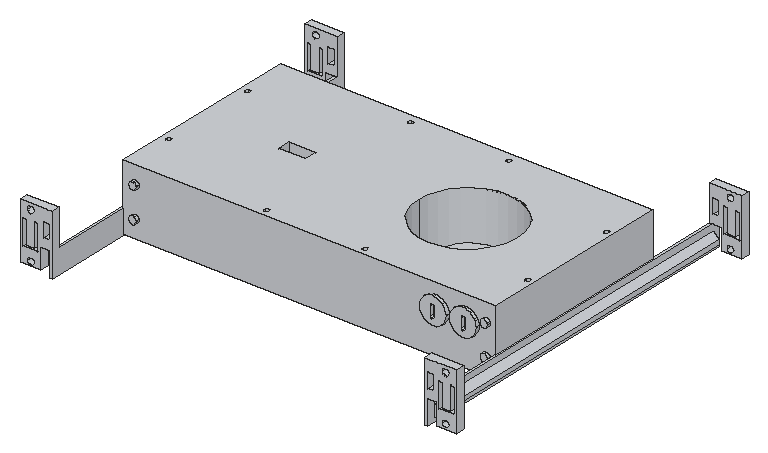
Revit family "Alcon-14131-R-DIR-Revit-Family", category Lighting Fixtures, host Ceiling, Revit 2021
Family settings
  Host = Ceiling
  Round Connector Dimension = Use Diameter
  Part Type = Normal
  Always vertical = Yes
  Cut with Voids When Loaded = Yes
  Light Source = Yes
  Shared = No
  Room Calculation Point = No
Parameters (values of type "Type 1")
  Wattage = 9.2903 W
  built-in parameter 1150110 = 1 (stored number, unit not read)
  built-in parameter 1114217 = 1 (stored number, unit not read)
  Tilt Angle = 60.00°
  built-in parameter 1150109 = 1 (stored number, unit not read)
  built-in parameter 1150134 = 3
  built-in parameter 1150113 = 1 (stored number, unit not read)
  built-in parameter 1010507 = 1.5708 (stored number, unit not read)
  built-in parameter 1010506 = 0.5236 (stored number, unit not read)
  Reflector = none
  Product Identity = "Alcon Lighting 14131-R-DIR"
  Manufacturer = "Alcon Light"
  built-in parameter 1150105 = 4614.1 (stored number, unit not read)
  Lumens = 1380 lm
  built-in parameter 1150115 = 1 (stored number, unit not read)
  Link To Product Page = "https://www.alconlighting.com/alcon-14131-dir-trimless-recessed-direct-shallow-light.html"
  Light Source Symbol Length = 10' - 0"
  Light Source = none
  built-in parameter 1150137 = (empty or 0)
  built-in parameter 1150139 = (empty or 0)
  built-in parameter 1150112 = 1 (stored number, unit not read)
  built-in parameter 1150114 = 1 (stored number, unit not read)
  built-in parameter 1150132 = (empty or 0)
  built-in parameter 1150102 = (empty or 0)
  built-in parameter 1150107 = 3200 (stored number, unit not read)
  built-in parameter 1150138 = (empty or 0)
  built-in parameter 1150106 = 46.141 (stored number, unit not read)
  Housing = none
  built-in parameter 1150104 = 13.8 (stored number, unit not read)
  Driver = none
  Dimming Lamp Color Temperature Shift = <None>
  Default Elevation = 0' - 0"
  Color Filter = 16777215
  built-in parameter 1114218 = 1 (stored number, unit not read)
  built-in parameter 1150133 = 10 (stored number, unit not read)
Reference planes (in)
  plane 1 "Center (Front/Back)": y = 0
  plane 2: z = 0
  plane 3 "Center (Left/Right)": x = 0
  plane 4 "Ceiling": z = 157.48031
Forms (in)
  Revolve 1, solid, material <- "Reflector"
    sketch origin (0, 0, 0) x (1, 0, 0) y (0, 0, 1)
      loop
        line (-1.55139, 157.98031) -> (-1.60013, 157.98031) -> (-1.60013, 157.48031) -> (-1.64677, 157.48031) -> (-1.64677, 157.38746) -> (-1.55139, 157.38746) -> (-1.55139, 157.98031)
      axis (0, 157.38746) -> (0, 157.98031)
    angle from 0 to 360
  Extrusion 2, solid, material <- "Housing"
    sketch origin (0, 0, 157.48031) x (0, 1, 0) y (-1, 0, 0)
      loop
        line (3.28332, 8.70666) -> (-3.09168, 8.70666) -> (-3.09168, -3.35584) -> (3.28332, -3.35584) -> (3.28332, 8.70666)
      loop
        circle (0, 0) r 1.60013
      loop
        circle (2.95582, 4.23988) r 0.07662
      loop
        circle (2.95582, 1.05111) r 0.07662
      loop
        circle (-2.85793, 4.23988) r 0.07662
      loop
        circle (-2.85793, 1.05111) r 0.07662
      loop
        circle (1.63456, 8.4581) r 0.07662
      loop
        circle (-1.53718, 8.4581) r 0.07662
      loop
        circle (1.63456, -3.17106) r 0.07662
      loop
        circle (-1.53718, -3.17106) r 0.07662
      loop
        line (-0.16217, 6.02024) -> (-0.16217, 5.14276) -> (0.24543, 5.14276) -> (0.24543, 6.02024) -> (-0.16217, 6.02024)
    from 0.5 to 2.625
  Extrusion 3, solid
    sketch origin (0, 0, 0) x (1, 0, 0) y (0, 0, 1)
      loop
        circle (1.40872, 159.33267) r 0.43114
      loop
        circle (2.3818, 159.33267) r 0.43114
      loop
        arc (2.47025, 159.45366) -> (2.39804, 159.52587) -> (2.32583, 159.45366) r 0.07221
        line (2.32583, 159.45366) -> (2.32583, 159.16468)
        arc (2.32583, 159.16468) -> (2.39804, 159.09247) -> (2.47025, 159.16468) r 0.07221
        line (2.47025, 159.16468) -> (2.47025, 159.45366)
      loop
        arc (1.47025, 159.45366) -> (1.39804, 159.52587) -> (1.32583, 159.45366) r 0.07221
        line (1.32583, 159.45366) -> (1.32583, 159.16468)
        arc (1.32583, 159.16468) -> (1.39804, 159.09247) -> (1.47025, 159.16468) r 0.07221
        line (1.47025, 159.16468) -> (1.47025, 159.45366)
      loop
        circle (3.05868, 159.54053) r 0.12102
      loop
        circle (3.05868, 158.54053) r 0.12102
      loop
        circle (-8.31934, 159.54053) r 0.12102
      loop
        circle (-8.31934, 158.54053) r 0.12102
    from 3.09168 to 3.18532
  Extrusion 4, solid
    sketch origin (0, 0, 157.48031) x (0, 1, 0) y (-1, 0, 0)
      loop
        line (-2.67436, 8.70666) -> (-2.67436, 8.13485) -> (-1.25988, 8.13485)
        arc (-1.25988, 8.13485) -> (-0.00988, 8.46588) -> (1.24012, 8.13485) r 2.52556
        line (1.24012, 8.13485) -> (2.6716, 8.13485) -> (2.6716, 8.70666) -> (-2.67436, 8.70666)
      loop
        line (-1.53407, 8.57717) -> (-1.82857, 8.57717)
        arc (-1.82857, 8.57717) -> (-2.19793, 8.46211) -> (-1.82857, 8.34705) r 0.2026
        line (-1.82857, 8.34705) -> (-1.53407, 8.34705)
        arc (-1.53407, 8.34705) -> (-1.41901, 8.46211) -> (-1.53407, 8.57717) r 0.11506
      loop
        line (1.66106, 8.57717) -> (1.36656, 8.57717)
        arc (1.36656, 8.57717) -> (0.9972, 8.46211) -> (1.36656, 8.34705) r 0.2026
        line (1.36656, 8.34705) -> (1.66106, 8.34705)
        arc (1.66106, 8.34705) -> (1.77612, 8.46211) -> (1.66106, 8.57717) r 0.11506
      loop
        arc (1.62834, -3.02254) -> (1.51328, -3.1376) -> (1.62834, -3.25267) r 0.11506
        line (1.62834, -3.25267) -> (1.92283, -3.25267)
        arc (1.92283, -3.25267) -> (2.2922, -3.1376) -> (1.92283, -3.02254) r 0.2026
        line (1.92283, -3.02254) -> (1.62834, -3.02254)
      loop
        arc (-1.56679, -3.02254) -> (-1.68185, -3.1376) -> (-1.56679, -3.25267) r 0.11506
        line (-1.56679, -3.25267) -> (-1.2723, -3.25267)
        arc (-1.2723, -3.25267) -> (-0.90293, -3.1376) -> (-1.2723, -3.02254) r 0.2026
        line (-1.2723, -3.02254) -> (-1.56679, -3.02254)
      loop
        line (-2.67436, -3.35584) -> (2.6716, -3.35584) -> (2.6716, -2.78403) -> (1.24012, -2.78403)
        arc (1.24012, -2.78403) -> (-0.00988, -3.11506) -> (-1.25988, -2.78403) r 2.52556
        line (-1.25988, -2.78403) -> (-2.67436, -2.78403) -> (-2.67436, -3.35584)
    from 0.44396 to 0.5
  Extrusion 5, solid, material <- "Housing"
    sketch origin (0, 0, 0) x (1, 0, 0) y (0, 0, 1)
      loop
        line (4.39781, 158.03648) -> (4.39781, 159.87663) -> (3.35584, 159.87663) -> (3.35584, 157.92428) -> (3.44441, 157.92428) -> (3.44441, 158.70601) -> (3.73637, 158.70601) -> (3.73637, 158.03648) -> (4.39781, 158.03648)
      loop
        line (3.44441, 158.99543) -> (3.65052, 158.99543) -> (3.65052, 159.49543) -> (3.44441, 159.49543) -> (3.44441, 158.99543)
      loop
        line (4.31618, 158.54453) -> (4.31618, 159.36762) -> (4.20186, 159.36762) -> (4.20186, 158.61762) -> (3.9305, 158.61762) -> (3.9305, 159.36762) -> (3.81618, 159.36762) -> (3.81618, 158.54453) -> (4.31618, 158.54453)
      loop
        circle (4.04182, 159.68118) r 0.11132
      loop
        circle (4.04182, 158.18118) r 0.11132
    from 5.68547 to 5.95271
  Extrusion 6, solid, material <- "Housing"
    sketch origin (0, 0, 0) x (1, 0, 0) y (0, 0, 1)
      loop
        line (4.39781, 158.03648) -> (4.39781, 159.87663) -> (3.35584, 159.87663) -> (3.35584, 157.92428) -> (3.44441, 157.92428) -> (3.44441, 158.70601) -> (3.73637, 158.70601) -> (3.73637, 158.03648) -> (4.39781, 158.03648)
      loop
        line (3.44441, 158.99543) -> (3.65052, 158.99543) -> (3.65052, 159.49543) -> (3.44441, 159.49543) -> (3.44441, 158.99543)
      loop
        line (4.31618, 158.54453) -> (4.31618, 159.36762) -> (4.20186, 159.36762) -> (4.20186, 158.61762) -> (3.9305, 158.61762) -> (3.9305, 159.36762) -> (3.81618, 159.36762) -> (3.81618, 158.54453) -> (4.31618, 158.54453)
      loop
        circle (4.04182, 159.68118) r 0.11132
      loop
        circle (4.04182, 158.18118) r 0.11132
    from -5.84043 to -5.58168
  Extrusion 7, solid, material <- "Housing"
    sketch origin (-5.35081, 0, 0) x (-1, 0, 0) y (0, 0, -1)
      loop
        line (4.39781, -158.03648) -> (3.73637, -158.03648) -> (3.73637, -158.70601) -> (3.44441, -158.70601) -> (3.44441, -157.92428) -> (3.35584, -157.92428) -> (3.35584, -159.87663) -> (4.39781, -159.87663) -> (4.39781, -158.03648)
      loop
        line (3.44441, -158.99543) -> (3.44441, -159.49543) -> (3.65052, -159.49543) -> (3.65052, -158.99543) -> (3.44441, -158.99543)
      loop
        line (4.31618, -158.54453) -> (3.81618, -158.54453) -> (3.81618, -159.36762) -> (3.9305, -159.36762) -> (3.9305, -158.61762) -> (4.20186, -158.61762) -> (4.20186, -159.36762) -> (4.31618, -159.36762) -> (4.31618, -158.54453)
      loop
        circle (4.04182, -159.68118) r 0.11132
      loop
        circle (4.04182, -158.18118) r 0.11132
    from 5.68547 to 5.95271
  Extrusion 8, solid, material <- "Housing"
    sketch origin (-5.35081, 0, 0) x (-1, 0, 0) y (0, 0, -1)
      loop
        line (4.39781, -158.03648) -> (3.73637, -158.03648) -> (3.73637, -158.70601) -> (3.44441, -158.70601) -> (3.44441, -157.92428) -> (3.35584, -157.92428) -> (3.35584, -159.87663) -> (4.39781, -159.87663) -> (4.39781, -158.03648)
      loop
        line (3.44441, -158.99543) -> (3.44441, -159.49543) -> (3.65052, -159.49543) -> (3.65052, -158.99543) -> (3.44441, -158.99543)
      loop
        line (4.31618, -158.54453) -> (3.81618, -158.54453) -> (3.81618, -159.36762) -> (3.9305, -159.36762) -> (3.9305, -158.61762) -> (4.20186, -158.61762) -> (4.20186, -159.36762) -> (4.31618, -159.36762) -> (4.31618, -158.54453)
      loop
        circle (4.04182, -159.68118) r 0.11132
      loop
        circle (4.04182, -158.18118) r 0.11132
    from -5.84043 to -5.58168
  Extrusion 9, solid, material <- "Housing"
    sketch origin (0, 0, 0) x (1, 0, 0) y (0, 0, 1)
      loop
        line (3.35584, 158.70601) -> (3.35584, 157.92428) -> (3.44441, 157.92428) -> (3.44441, 158.03648) -> (3.6492, 158.17987) -> (3.6492, 158.31211) -> (3.44441, 158.5169) -> (3.44441, 158.70601) -> (3.35584, 158.70601)
    from -5.58168 to 5.68547
  Extrusion 10, solid, material <- "Housing"
    sketch origin (-5.35081, 0, 0) x (-1, 0, 0) y (0, 0, -1)
      loop
        line (3.35584, -158.70601) -> (3.44441, -158.70601) -> (3.44441, -158.5169) -> (3.6492, -158.31211) -> (3.6492, -158.17987) -> (3.44441, -158.03648) -> (3.44441, -157.92428) -> (3.35584, -157.92428) -> (3.35584, -158.70601)
    from -5.58168 to 5.68547
  Revolve 11, solid, material <- "Reflector"
    sketch origin (0, 0, 0) x (1, 0, 0) y (0, 0, 1)
      loop
        line (-1.55139, 157.98031) -> (-0.96266, 158.70734) -> (-1.01225, 158.75693) -> (-1.60013, 158.03097) -> (-1.60013, 157.98031) -> (-1.55139, 157.98031)
      axis (0, 157.98031) -> (0, 158.75693)
    angle from 0 to 360
  Extrusion 12, solid, material <- "Light Source"
    sketch origin (0, 0, 157.48031) x (0, 1, 0) y (-1, 0, 0)
      loop
        circle (0, 0) r 1.01225
    from 1.27662 to 1.35356
  Extrusion 13, void
    sketch origin (0, 0, 157.48031) x (0, 1, 0) y (-1, 0, 0)
      loop
        circle (0, 0) r 1.64677
    from -0.619 to 0.44396
Cuts and joins
  joined: Extrusion 7, Extrusion 8, Extrusion 10
  joined: Extrusion 5, Extrusion 6, Extrusion 9
  Extrusion 13 cuts Extrusion 2
  Extrusion 13 cuts Revolve 11
  Extrusion 13 cuts Extrusion 12
Dimensions and locks (in)
  equal spacing: host sketch curve, plane 3 "Center (Left/Right)", host sketch curve
  equal spacing: host sketch curve, plane 1 "Center (Front/Back)", host sketch curve
  host sketch curve to host sketch curve = 13' - 1.48031"  (x2)
  plane 4 "Ceiling" to host ceiling = 0' - 0"
